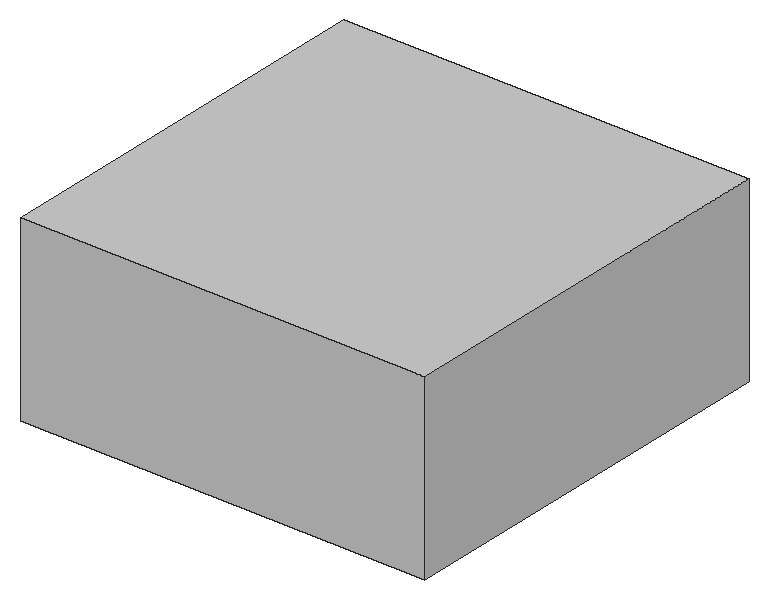
Revit family
Parameters (values of type "2000 x 2000 x 900mm")
  Width = 2000 mm
  Length = 2000 mm
  Footing Material [instance] = Concrete - Cast-in-Place Concrete
  Assembly Code = ""
  Thickness = 900 mm
Types (3, lengths in mm): name | Width | Length | Thickness
  (no name) | 2000 | 2000 | 900
  2000 x 2000 x 900mm | 2000 | 2000 | 900
  2600 x 1650 x 1100mm | 1650 | 2600 | 1100
Reference planes
  plane 1 "Center (Front/Back)": y = 0
  plane 2: z = 0
  plane 3 "Center (Left/Right)": x = 0
  plane 4: x = -1000
  plane 5: x = 1000
  plane 6: y = 1000
  plane 7: y = -1000
Forms (mm)
  Extrusion 1, solid, material "Concrete - Cast-in-Place Concrete" <- "Footing Material"
    sketch origin (0, 0, 0) x (1, 0, 0) y (0, 1, 0)
      loop
        line (-1000, 1000) -> (-1000, -1000) -> (1000, -1000) -> (1000, 1000) -> (-1000, 1000)
    from -900 to 0
Dimensions and locks
  "Thickness": plane 2 to Extrusion 1
  "Width": plane 4 to plane 5
  "Length": plane 6 to plane 7
  equal spacing: plane 6, plane 1 "Center (Front/Back)", plane 7
  equal spacing: plane 4, plane 3 "Center (Left/Right)", plane 5
  aligned and locked: plane 4 to Extrusion 1 sketch curve
  aligned and locked: Extrusion 1 sketch curve to plane 5
  aligned and locked: Extrusion 1 sketch curve to plane 6
  aligned and locked: plane 7 to Extrusion 1 sketch curve
  aligned and locked: level to Extrusion 1
